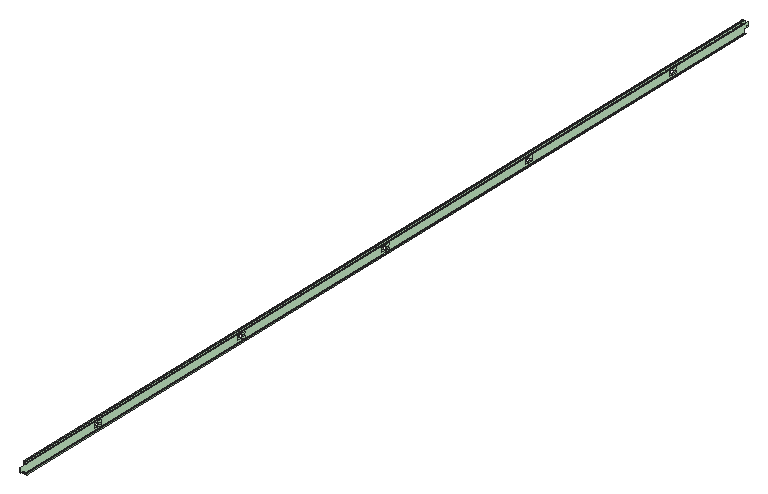
Revit family "eTバー4015メイン(640グリッド用)", category 機械設備, Revit 2020
Family settings
  丸型コネクタ寸法 = 直径を使用
  種別 = なし
  パーツ タイプ = 標準
  作業面ベース = いいえ
  常に垂直 = はい
  ロード時にボイドで切り取り = いいえ
  共有 = いいえ
  部屋計算ポイント = いいえ
Parameters
  製造元 = "株式会社桐井製作所"
  既定の高さ = 0 mm
  URL = "https://www.kirii.co.jp/"
  K_長さ(mm) = 3200 mm
  K_材質 = "溶融亜鉛めっき鋼板及び鋼帯SGCC 一般用　カラー鋼板"
  K_品名 = "eTバー4015メイン(640グリッド用)"
  K_名称 = "Tバー"
  K_入数 = "20"
  K_バージョン情報 = "20220411"
  K_めっき付着量 = "JIS G 3302 Z12、カラー鋼板　塗装膜厚20μ(白色)"
  K_JIS規格 = "JIS G 3302"
Reference planes
  plane 1 "中心(正面/背面)": y = 0
  plane 2: z = 0
  plane 3 "中心(左/右)": x = 0
  plane 4: y = 3200
Forms (mm)
  Extrusion 1, solid
    sketch origin (0, 0, 7.1) x (-1, 0, 0) y (0, 0, 1)
      loop
        arc (0.4, 24.298) -> (0.715, 24.763) -> (1.263, 24.642) r 0.5
        arc (1.263, 24.642) -> (1.627, 24.316) -> (2.1, 24.198) r 1.011
        arc (2.1, 24.198) -> (2.736, 24.462) -> (3, 25.098) r 0.9
        line (3, 25.098) -> (3, 33.198)
        arc (3, 33.198) -> (2.473, 34.079) -> (1.448, 34.032) r 1
        line (1.448, 34.032) -> (0, 33.08) -> (-1.448, 34.032)
        arc (-1.448, 34.032) -> (-2.473, 34.079) -> (-3, 33.198) r 1
        line (-3, 33.198) -> (-3, 25.098)
        arc (-3, 25.098) -> (-2.736, 24.462) -> (-2.1, 24.198) r 0.9
        arc (-2.1, 24.198) -> (-1.627, 24.316) -> (-1.263, 24.642) r 1.011
        arc (-1.263, 24.642) -> (-0.715, 24.763) -> (-0.4, 24.298) r 0.5
        line (-0.4, 24.298) -> (-0.4, -5.65)
        arc (-0.4, -5.65) -> (-0.634, -6.216) -> (-1.2, -6.45) r 0.8
        line (-1.2, -6.45) -> (-2.4, -6.2) -> (-5.375, -6.2) -> (-6.171, -5.941)
        arc (-6.171, -5.941) -> (-7.337, -6.109) -> (-6.7, -7.1) r 0.7
        line (-6.7, -7.1) -> (6.7, -7.1)
        arc (6.7, -7.1) -> (7.337, -6.109) -> (6.171, -5.941) r 0.7
        line (6.171, -5.941) -> (5.375, -6.2) -> (2.4, -6.2) -> (1.2, -6.45)
        arc (1.2, -6.45) -> (0.634, -6.216) -> (0.4, -5.65) r 0.8
        line (0.4, -5.65) -> (0.4, 24.298)
      loop
        arc (-1.668, 33.698) -> (-2.283, 33.727) -> (-2.6, 33.198) r 0.6
        line (-2.6, 33.198) -> (-2.6, 25.098)
        arc (-2.6, 25.098) -> (-2.302, 24.641) -> (-1.763, 24.729) r 0.5
        line (-1.763, 24.729) -> (-1.063, 25.183)
        arc (-1.063, 25.183) -> (-0.324, 24.99) -> (0, 24.298) r 0.9
        arc (0, 24.298) -> (0.324, 24.99) -> (1.063, 25.183) r 0.9
        line (1.063, 25.183) -> (1.763, 24.729)
        arc (1.763, 24.729) -> (2.302, 24.641) -> (2.6, 25.098) r 0.5
        line (2.6, 25.098) -> (2.6, 33.198)
        arc (2.6, 33.198) -> (2.283, 33.727) -> (1.668, 33.698) r 0.6
        line (1.668, 33.698) -> (0.549, 32.963)
        arc (0.549, 32.963) -> (0, 32.798) -> (-0.549, 32.963) r 1
        line (-0.549, 32.963) -> (-1.668, 33.698)
    from 0 to 3200
  Extrusion 2, solid
    sketch origin (0.4, 0, 30.6) x (0, 0, -1) y (0, 1, 0)
      loop
        line (3.661, 0) -> (3.661, -19.4)
        arc (3.661, -19.4) -> (3.954, -20.107) -> (4.661, -20.4) r 1
        line (4.661, -20.4) -> (16.783, -20.4)
        arc (16.783, -20.4) -> (17.49, -20.107) -> (17.783, -19.4) r 1
        line (17.783, -19.4) -> (17.783, 0) -> (17.783, 21.201) -> (3.661, 21.201) -> (3.661, 0)
    from -0.8 to 0
  Extrusion 3, void
    sketch origin (0.4, 0, 38.1) x (0, 0, 1) y (0, 1, 0)
      loop
        line (-17.561, -16.4) -> (-17.561, -9.2) -> (-22.361, -9.2) -> (-22.361, -16.4) -> (-17.561, -16.4)
    from 0 to 1.6
  Extrusion 4, void
    sketch origin (-0.4, 38.192, 31.538) x (0, 0, 1) y (0, -1, 0)
      loop
        arc (-19.9, -284.4) -> (-14.3, -287.9) -> (-8.7, -284.4) r 6.23
        line (-8.7, -284.4) -> (-19.9, -284.4)
      loop
        arc (-8.7, -297.4) -> (-14.3, -293.9) -> (-19.9, -297.4) r 6.23
        line (-19.9, -297.4) -> (-8.7, -297.4)
    from 1.2 to 3.447
  Extrusion 5, solid
    sketch origin (-0.081, 38.2, -7.135) x (-1, 0, 0) y (0, 0, -1)
      loop
        line (-0.387, -33.66) -> (-0.387, -32.86) -> (-1.476, -32.86) -> (-1.476, -26.291)
        arc (-1.476, -26.291) -> (-2.487, -24.267) -> (-1.487, -22.238) r 2.545
        line (-1.487, -22.238) -> (-1.487, -15.26) -> (-0.387, -15.26) -> (-0.387, -14.46) -> (-2.087, -14.46) -> (-2.088, -21.96)
        arc (-2.088, -21.96) -> (-3.087, -24.26) -> (-2.087, -26.56) r 3.145
        line (-2.087, -26.56) -> (-2.087, -33.66) -> (-0.387, -33.66)
    from -297.4 to -284.4
  Extrusion 6, void
    sketch origin (0.4, 20, 31.225) x (0, 0, 1) y (0, 1, 0)
      loop
        line (-5.5, 284.4) -> (-5.5, 315.6) -> (-23.1, 315.6) -> (-23.1, 284.4) -> (-5.5, 284.4)
    from 0 to 0.8
  Extrusion 7, void
    sketch origin (0.4, 19.992, 31.538) x (0, 0, 1) y (0, 1, 0)
      loop
        line (-19.9, 284.4) -> (-8.7, 284.4)
        arc (-8.7, 284.4) -> (-14.3, 287.9) -> (-19.9, 284.4) r 6.23
      loop
        line (-8.7, 297.4) -> (-19.9, 297.4)
        arc (-19.9, 297.4) -> (-14.3, 293.9) -> (-8.7, 297.4) r 6.23
    from 1.2 to 3.447
  Extrusion 8, solid
    sketch origin (0.081, 20, -7.135) x (1, 0, 0) y (0, 0, 1)
      loop
        line (-0.387, 33.66) -> (-2.087, 33.66) -> (-2.087, 26.56)
        arc (-2.087, 26.56) -> (-3.087, 24.26) -> (-2.088, 21.96) r 3.145
        line (-2.088, 21.96) -> (-2.087, 14.46) -> (-0.387, 14.46) -> (-0.387, 15.26) -> (-1.487, 15.26) -> (-1.487, 22.238)
        arc (-1.487, 22.238) -> (-2.487, 24.267) -> (-1.476, 26.291) r 2.545
        line (-1.476, 26.291) -> (-1.476, 32.86) -> (-0.387, 32.86) -> (-0.387, 33.66)
    from -297.4 to -284.4
  Extrusion 9, void
    sketch origin (-0.4, 678.192, 31.538) x (0, 0, 1) y (0, -1, 0)
      loop
        arc (-19.9, -284.4) -> (-14.3, -287.9) -> (-8.7, -284.4) r 6.23
        line (-8.7, -284.4) -> (-19.9, -284.4)
      loop
        arc (-8.7, -297.4) -> (-14.3, -293.9) -> (-19.9, -297.4) r 6.23
        line (-19.9, -297.4) -> (-8.7, -297.4)
    from 1.2 to 3.447
  Extrusion 10, solid
    sketch origin (-0.081, 678.2, -7.135) x (-1, 0, 0) y (0, 0, -1)
      loop
        line (-0.387, -33.66) -> (-0.387, -32.86) -> (-1.476, -32.86) -> (-1.476, -26.291)
        arc (-1.476, -26.291) -> (-2.487, -24.267) -> (-1.487, -22.238) r 2.545
        line (-1.487, -22.238) -> (-1.487, -15.26) -> (-0.387, -15.26) -> (-0.387, -14.46) -> (-2.087, -14.46) -> (-2.088, -21.96)
        arc (-2.088, -21.96) -> (-3.087, -24.26) -> (-2.087, -26.56) r 3.145
        line (-2.087, -26.56) -> (-2.087, -33.66) -> (-0.387, -33.66)
    from -297.4 to -284.4
  Extrusion 11, void
    sketch origin (0.4, 660, 31.225) x (0, 0, 1) y (0, 1, 0)
      loop
        line (-5.5, 284.4) -> (-5.5, 315.6) -> (-23.1, 315.6) -> (-23.1, 284.4) -> (-5.5, 284.4)
    from 0 to 0.8
  Extrusion 12, void
    sketch origin (0.4, 659.992, 31.538) x (0, 0, 1) y (0, 1, 0)
      loop
        line (-19.9, 284.4) -> (-8.7, 284.4)
        arc (-8.7, 284.4) -> (-14.3, 287.9) -> (-19.9, 284.4) r 6.23
      loop
        line (-8.7, 297.4) -> (-19.9, 297.4)
        arc (-19.9, 297.4) -> (-14.3, 293.9) -> (-8.7, 297.4) r 6.23
    from 1.2 to 3.447
  Extrusion 13, solid
    sketch origin (0.081, 660, -7.135) x (1, 0, 0) y (0, 0, 1)
      loop
        line (-0.387, 33.66) -> (-2.087, 33.66) -> (-2.087, 26.56)
        arc (-2.087, 26.56) -> (-3.087, 24.26) -> (-2.088, 21.96) r 3.145
        line (-2.088, 21.96) -> (-2.087, 14.46) -> (-0.387, 14.46) -> (-0.387, 15.26) -> (-1.487, 15.26) -> (-1.487, 22.238)
        arc (-1.487, 22.238) -> (-2.487, 24.267) -> (-1.476, 26.291) r 2.545
        line (-1.476, 26.291) -> (-1.476, 32.86) -> (-0.387, 32.86) -> (-0.387, 33.66)
    from -297.4 to -284.4
  Extrusion 14, void
    sketch origin (-0.4, 1318.192, 31.538) x (0, 0, 1) y (0, -1, 0)
      loop
        arc (-19.9, -284.4) -> (-14.3, -287.9) -> (-8.7, -284.4) r 6.23
        line (-8.7, -284.4) -> (-19.9, -284.4)
      loop
        arc (-8.7, -297.4) -> (-14.3, -293.9) -> (-19.9, -297.4) r 6.23
        line (-19.9, -297.4) -> (-8.7, -297.4)
    from 1.2 to 3.447
  Extrusion 15, solid
    sketch origin (-0.081, 1318.2, -7.135) x (-1, 0, 0) y (0, 0, -1)
      loop
        line (-0.387, -33.66) -> (-0.387, -32.86) -> (-1.476, -32.86) -> (-1.476, -26.291)
        arc (-1.476, -26.291) -> (-2.487, -24.267) -> (-1.487, -22.238) r 2.545
        line (-1.487, -22.238) -> (-1.487, -15.26) -> (-0.387, -15.26) -> (-0.387, -14.46) -> (-2.087, -14.46) -> (-2.088, -21.96)
        arc (-2.088, -21.96) -> (-3.087, -24.26) -> (-2.087, -26.56) r 3.145
        line (-2.087, -26.56) -> (-2.087, -33.66) -> (-0.387, -33.66)
    from -297.4 to -284.4
  Extrusion 16, void
    sketch origin (0.4, 1299.992, 31.538) x (0, 0, 1) y (0, 1, 0)
      loop
        line (-19.9, 284.4) -> (-8.7, 284.4)
        arc (-8.7, 284.4) -> (-14.3, 287.9) -> (-19.9, 284.4) r 6.23
      loop
        line (-8.7, 297.4) -> (-19.9, 297.4)
        arc (-19.9, 297.4) -> (-14.3, 293.9) -> (-8.7, 297.4) r 6.23
    from 1.2 to 3.447
  Extrusion 17, solid
    sketch origin (0.081, 1300, -7.135) x (1, 0, 0) y (0, 0, 1)
      loop
        line (-0.387, 33.66) -> (-2.087, 33.66) -> (-2.087, 26.56)
        arc (-2.087, 26.56) -> (-3.087, 24.26) -> (-2.088, 21.96) r 3.145
        line (-2.088, 21.96) -> (-2.087, 14.46) -> (-0.387, 14.46) -> (-0.387, 15.26) -> (-1.487, 15.26) -> (-1.487, 22.238)
        arc (-1.487, 22.238) -> (-2.487, 24.267) -> (-1.476, 26.291) r 2.545
        line (-1.476, 26.291) -> (-1.476, 32.86) -> (-0.387, 32.86) -> (-0.387, 33.66)
    from -297.4 to -284.4
  Extrusion 18, void
    sketch origin (0.4, 1300, 31.225) x (0, 0, 1) y (0, 1, 0)
      loop
        line (-5.5, 284.4) -> (-5.5, 315.6) -> (-23.1, 315.6) -> (-23.1, 284.4) -> (-5.5, 284.4)
    from 0 to 0.8
  Extrusion 19, void
    sketch origin (-0.4, 1958.192, 31.538) x (0, 0, 1) y (0, -1, 0)
      loop
        arc (-19.9, -284.4) -> (-14.3, -287.9) -> (-8.7, -284.4) r 6.23
        line (-8.7, -284.4) -> (-19.9, -284.4)
      loop
        arc (-8.7, -297.4) -> (-14.3, -293.9) -> (-19.9, -297.4) r 6.23
        line (-19.9, -297.4) -> (-8.7, -297.4)
    from 1.2 to 3.447
  Extrusion 20, solid
    sketch origin (-0.081, 1958.2, -7.135) x (-1, 0, 0) y (0, 0, -1)
      loop
        line (-0.387, -33.66) -> (-0.387, -32.86) -> (-1.476, -32.86) -> (-1.476, -26.291)
        arc (-1.476, -26.291) -> (-2.487, -24.267) -> (-1.487, -22.238) r 2.545
        line (-1.487, -22.238) -> (-1.487, -15.26) -> (-0.387, -15.26) -> (-0.387, -14.46) -> (-2.087, -14.46) -> (-2.088, -21.96)
        arc (-2.088, -21.96) -> (-3.087, -24.26) -> (-2.087, -26.56) r 3.145
        line (-2.087, -26.56) -> (-2.087, -33.66) -> (-0.387, -33.66)
    from -297.4 to -284.4
  Extrusion 21, void
    sketch origin (0.4, 1939.992, 31.538) x (0, 0, 1) y (0, 1, 0)
      loop
        line (-19.9, 284.4) -> (-8.7, 284.4)
        arc (-8.7, 284.4) -> (-14.3, 287.9) -> (-19.9, 284.4) r 6.23
      loop
        line (-8.7, 297.4) -> (-19.9, 297.4)
        arc (-19.9, 297.4) -> (-14.3, 293.9) -> (-8.7, 297.4) r 6.23
    from 1.2 to 3.447
  Extrusion 22, solid
    sketch origin (0.081, 1940, -7.135) x (1, 0, 0) y (0, 0, 1)
      loop
        line (-0.387, 33.66) -> (-2.087, 33.66) -> (-2.087, 26.56)
        arc (-2.087, 26.56) -> (-3.087, 24.26) -> (-2.088, 21.96) r 3.145
        line (-2.088, 21.96) -> (-2.087, 14.46) -> (-0.387, 14.46) -> (-0.387, 15.26) -> (-1.487, 15.26) -> (-1.487, 22.238)
        arc (-1.487, 22.238) -> (-2.487, 24.267) -> (-1.476, 26.291) r 2.545
        line (-1.476, 26.291) -> (-1.476, 32.86) -> (-0.387, 32.86) -> (-0.387, 33.66)
    from -297.4 to -284.4
  Extrusion 23, void
    sketch origin (0.4, 1940, 31.225) x (0, 0, 1) y (0, 1, 0)
      loop
        line (-5.5, 284.4) -> (-5.5, 315.6) -> (-23.1, 315.6) -> (-23.1, 284.4) -> (-5.5, 284.4)
    from 0 to 0.8
  Extrusion 24, void
    sketch origin (-0.4, 2598.192, 31.538) x (0, 0, 1) y (0, -1, 0)
      loop
        arc (-19.9, -284.4) -> (-14.3, -287.9) -> (-8.7, -284.4) r 6.23
        line (-8.7, -284.4) -> (-19.9, -284.4)
      loop
        arc (-8.7, -297.4) -> (-14.3, -293.9) -> (-19.9, -297.4) r 6.23
        line (-19.9, -297.4) -> (-8.7, -297.4)
    from 1.2 to 3.447
  Extrusion 25, solid
    sketch origin (-0.081, 2598.2, -7.135) x (-1, 0, 0) y (0, 0, -1)
      loop
        line (-0.387, -33.66) -> (-0.387, -32.86) -> (-1.476, -32.86) -> (-1.476, -26.291)
        arc (-1.476, -26.291) -> (-2.487, -24.267) -> (-1.487, -22.238) r 2.545
        line (-1.487, -22.238) -> (-1.487, -15.26) -> (-0.387, -15.26) -> (-0.387, -14.46) -> (-2.087, -14.46) -> (-2.088, -21.96)
        arc (-2.088, -21.96) -> (-3.087, -24.26) -> (-2.087, -26.56) r 3.145
        line (-2.087, -26.56) -> (-2.087, -33.66) -> (-0.387, -33.66)
    from -297.4 to -284.4
  Extrusion 26, void
    sketch origin (0.4, 2579.992, 31.538) x (0, 0, 1) y (0, 1, 0)
      loop
        line (-19.9, 284.4) -> (-8.7, 284.4)
        arc (-8.7, 284.4) -> (-14.3, 287.9) -> (-19.9, 284.4) r 6.23
      loop
        line (-8.7, 297.4) -> (-19.9, 297.4)
        arc (-19.9, 297.4) -> (-14.3, 293.9) -> (-8.7, 297.4) r 6.23
    from 1.2 to 3.447
  Extrusion 27, solid
    sketch origin (0.081, 2580, -7.135) x (1, 0, 0) y (0, 0, 1)
      loop
        line (-0.387, 33.66) -> (-2.087, 33.66) -> (-2.087, 26.56)
        arc (-2.087, 26.56) -> (-3.087, 24.26) -> (-2.088, 21.96) r 3.145
        line (-2.088, 21.96) -> (-2.087, 14.46) -> (-0.387, 14.46) -> (-0.387, 15.26) -> (-1.487, 15.26) -> (-1.487, 22.238)
        arc (-1.487, 22.238) -> (-2.487, 24.267) -> (-1.476, 26.291) r 2.545
        line (-1.476, 26.291) -> (-1.476, 32.86) -> (-0.387, 32.86) -> (-0.387, 33.66)
    from -297.4 to -284.4
  Extrusion 28, void
    sketch origin (0.4, 2580, 31.225) x (0, 0, 1) y (0, 1, 0)
      loop
        line (-5.5, 284.4) -> (-5.5, 315.6) -> (-23.1, 315.6) -> (-23.1, 284.4) -> (-5.5, 284.4)
    from 0 to 0.8
  Extrusion 29, void
    sketch origin (0.4, 3199.987, 39.236) x (0, 0, 1) y (0, 1, 0)
      loop
        line (-17.561, 16.4) -> (-22.361, 16.4) -> (-22.361, 9.2) -> (-17.561, 9.2) -> (-17.561, 16.4)
    from 0 to 0.8
  Extrusion 30, solid
    sketch origin (0.4, 3199.855, 31.722) x (0, 0, -1) y (0, 1, 0)
      loop
        line (3.661, 0) -> (3.661, -21.201) -> (17.783, -21.201) -> (17.783, 0) -> (17.783, 19.4)
        arc (17.783, 19.4) -> (17.49, 20.107) -> (16.783, 20.4) r 1
        line (16.783, 20.4) -> (4.661, 20.4)
        arc (4.661, 20.4) -> (3.954, 20.107) -> (3.661, 19.4) r 1
        line (3.661, 19.4) -> (3.661, 0)
    from -0.8 to 0
Cuts and joins
  Extrusion 3, Extrusion 6, Extrusion 11, Extrusion 18, Extrusion 23, Extrusion 28 cuts Extrusion 1
  Extrusion 3, Extrusion 6, Extrusion 11, Extrusion 18, Extrusion 23, Extrusion 28 cuts Extrusion 2
  Extrusion 4 cuts Extrusion 5
  Extrusion 7 cuts Extrusion 8
  Extrusion 9 cuts Extrusion 10
  Extrusion 12 cuts Extrusion 13
  Extrusion 14 cuts Extrusion 15
  Extrusion 16 cuts Extrusion 17
  Extrusion 19 cuts Extrusion 20
  Extrusion 21 cuts Extrusion 22
  Extrusion 24 cuts Extrusion 25
  Extrusion 26 cuts Extrusion 27
  Extrusion 29 cuts Extrusion 30
  joined: Extrusion 1, Extrusion 2, Extrusion 5, Extrusion 8, Extrusion 10, Extrusion 13, Extrusion 15, Extrusion 17, Extrusion 20, Extrusion 22, Extrusion 25, Extrusion 27, Extrusion 30
Dimensions and locks
  aligned and locked: level to plane 2
